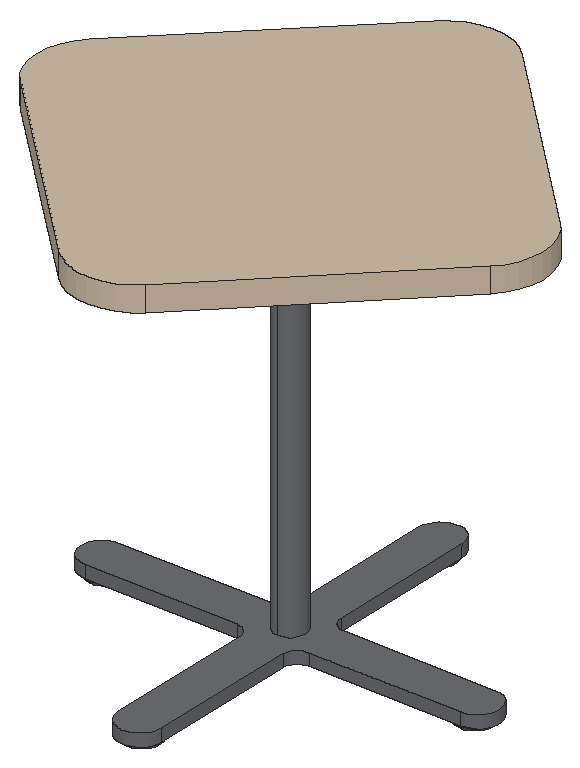
Revit family "Table-Teknion-CQTSB-Routes-Square_Adjustable_Side_Table-R2022", category Furniture, Revit 2022
Family settings
  OmniClass Number = 23.40.20.00
  OmniClass Title = General Furniture and Specialties
  Work Plane-Based = No
  Always vertical = Yes
  Cut with Voids When Loaded = No
  Render Appearance Source = Family Geometry
  Shared = Yes
  Room Calculation Point = No
Parameters (values of type "CQTSB16")
  Width = 0.000"
  Warranty = "http://www.teknion.com/ca/papers/legal-canada"
  Unit Weight URL = "http://www.teknion.com/ca/tools/assets#&asset=bee6a381-b954-425e-8283-5a2de3a804f2,f828d448-4b62-4231-9e5f-9a8991c0ed77"
  URL = "www.teknion.com"
  To render please download texture images found here [instance] = "https://assets.teknion.com/web/5e81352c1dfdb467/revit-material-swatches/"
  Sustainability Data = "https://www.teknion.com/ca/tools/assets#&topic=216f99a5-57a0-44fc-b10a-9dee9b29ae4c&asset=444deb64-fe58-4b68-981e-f75e97781df7,b4ff2d81-9f2e-437d-9659-7cffb09c31cf"
  Surface Finish = Foundation Laminate-Teknion-4L-Baltic_Ply
  Series = "Routes"  # constant formula
  Product Page URL = "https://www.teknion.com/ca/products/product-details?productLineId=70f0476f-8e7a-673b-a6c8-ff05004460c4"
  Product Line = "Side Table"
  Product Documentation Link = "https://www.teknion.com/ca/products/product-details?productLineId=70f0476f-8e7a-673b-a6c8-ff05004460c4"
  Part Number = "CQTSB"  # constant formula
  Model = "CQTSB16"  # constant formula
  Manufacturer Phone = "416-661-3370"  # constant formula
  Manufacturer Fax = "416.661.4586"  # constant formula
  Manufacturer Contact Information = "http://www.teknion.com/ca/contactus"
  Manufacturer Address = "1150 Flint Road, Toronto, ON. M3J 2J5. Canada"  # constant formula
  Manufacturer = "Teknion"  # constant formula
  Length = 0.000"
  How To Use Teknion Materials User Guide [instance] = "https://assets.teknion.com/m/205dd0a49fa58060/original/How-to-add-a-Material-Library-and-Texture-Images-to-your-Revit-project.pdf"
  Height = 18.000"
  Frame Finish = Grade 2 Laminate - Teknion - WV - Midnight
  For Additional Finishes please visit [instance] = "https://assets.teknion.com/m/44a8009b046e5d47/original/Teknion_Materials_Library.zip"
  Description = "Routes - Square Adjustable Side Table"  # constant formula
  Depth = 0.000"
  Default Elevation = 0.000"
  Assembly Code = "E2020200"
Reference planes (in)
  plane 1 "Center Front/Back": y = 0
  plane 2: z = 0
  plane 3 "Center Left/Right": x = 0
  plane 4 "Left": x = -10.27817
  plane 5 "Right": x = 10.27817
  plane 6 "Back": y = 10.27817
  plane 7 "Front": y = -10.27817
  plane 8 "Top": z = 18
Forms (in)
  Sweep 1, solid, material "Foundation Laminate-Teknion-4L-Baltic_Ply" <- "Surface Finish"
    path origin (0, 0, 0) x (1, 0, 0) y (0, 0, 1)
      loop
        line (-5.25, 17) -> (-5.25, 18)
    profile origin (-5.25, 0, 17.5) x (-1, 0, 0) y (0, -1, 0)
      loop
        line (-3.48223, -9.54594) -> (4.29594, -1.76777)
        arc (4.29594, -1.76777) -> (5.02817, 0) -> (4.29594, 1.76777) r 2.5
        line (4.29594, 1.76777) -> (-3.48223, 9.54594)
        arc (-3.48223, 9.54594) -> (-5.25, 10.27817) -> (-7.01777, 9.54594) r 2.5
        line (-7.01777, 9.54594) -> (-14.79594, 1.76777)
        arc (-14.79594, 1.76777) -> (-15.52817, 0) -> (-14.79594, -1.76777) r 2.5
        line (-14.79594, -1.76777) -> (-7.01777, -9.54594)
        arc (-7.01777, -9.54594) -> (-5.25, -10.27817) -> (-3.48223, -9.54594) r 2.5
  Sweep 2, solid, material "Grade 2 Laminate - Teknion - WV - Midnight" <- "Frame Finish"
    path origin (0, 0, 0) x (1, 0, 0) y (0, 0, 1)
      loop
        line (-2, 16.88) -> (-2, 17)
    profile origin (-2, 0, 16.94) x (-1, 0, 0) y (0, -1, 0)
      loop
        circle (-2, 0) r 2.92493
  Sweep 3, solid, material "Grade 2 Laminate - Teknion - WV - Midnight" <- "Frame Finish"
    path origin (0, 0, 0) x (1, 0, 0) y (0, 0, 1)
      loop
        line (-0.54473, 15.15328) -> (-0.54473, 16.88)
    profile origin (-0.54473, 0, 16.01664) x (-1, 0, 0) y (0, -1, 0)
      loop
        circle (-0.54473, 0) r 0.5275
  Sweep 4, solid, material "Grade 2 Laminate - Teknion - WV - Midnight" <- "Frame Finish"
    path origin (0, 0, 0) x (1, 0, 0) y (0, 0, 1)
      loop
        line (-0.33484, 15.15328) -> (-0.33484, 0.7126)
    profile origin (-0.33484, 0, 7.93294) x (0, -1, 0) y (1, 0, 0)
      loop
        circle (0, 0.33484) r 0.62498
  Sweep 5, solid, material "Grade 2 Laminate - Teknion - WV - Midnight" <- "Frame Finish"
    path origin (0, 0, 0) x (1, 0, 0) y (0, 0, 1)
      loop
        line (-5.85863, 0.2126) -> (-5.85863, 0.7126)
    profile origin (-5.85863, 0, 0.4626) x (-1, 0, 0) y (0, -1, 0)
      loop
        arc (-4.98363, -1.465) -> (-4.81082, -1.04781) -> (-4.39363, -0.875) r 0.59
        line (-4.39363, -0.875) -> (1.76637, -0.875)
        arc (1.76637, -0.875) -> (2.64137, 0) -> (1.76637, 0.875) r 0.875
        line (1.76637, 0.875) -> (-4.39363, 0.875)
        arc (-4.39363, 0.875) -> (-4.81082, 1.04781) -> (-4.98363, 1.465) r 0.59
        line (-4.98363, 1.465) -> (-4.98363, 7.625)
        arc (-4.98363, 7.625) -> (-5.85863, 8.5) -> (-6.73363, 7.625) r 0.875
        line (-6.73363, 7.625) -> (-6.73363, 1.465)
        arc (-6.73363, 1.465) -> (-6.90644, 1.04781) -> (-7.32363, 0.875) r 0.59
        line (-7.32363, 0.875) -> (-13.48363, 0.875)
        arc (-13.48363, 0.875) -> (-14.35863, 0) -> (-13.48363, -0.875) r 0.875
        line (-13.48363, -0.875) -> (-7.32363, -0.875)
        arc (-7.32363, -0.875) -> (-6.90644, -1.04781) -> (-6.73363, -1.465) r 0.59
        line (-6.73363, -1.465) -> (-6.73363, -7.625)
        arc (-6.73363, -7.625) -> (-5.85863, -8.5) -> (-4.98363, -7.625) r 0.875
        line (-4.98363, -7.625) -> (-4.98363, -1.465)
  Revolve 6, solid, material "Grade 2 Laminate - Teknion - WV - Midnight" <- "Frame Finish"
    sketch origin (-0.00375, -7.5, 0) x (1, 0, 0) y (0, 0, 1)
      loop
        line (-0.09375, 0.2126) -> (-0.74803, 0.2126) -> (-0.74803, 0.0726)
        arc (-0.74803, 0.0726) -> (-0.71876, 0.02061) -> (-0.66277, 0) r 0.08637
        line (-0.66277, 0) -> (-0.13638, 0)
        arc (-0.13638, 0) -> (-0.1052, 0.0305) -> (-0.09375, 0.0726) r 0.08313
        line (-0.09375, 0.0726) -> (-0.09375, 0.2126)
      axis (0, 0) -> (0, 0.2126)
    angle from 0 to 360
  Revolve 7, solid, material "Grade 2 Laminate - Teknion - WV - Midnight" <- "Frame Finish"
    sketch origin (7.5, -0.00375, 0) x (1, 0, 0) y (0, 0, 1)
      loop
        line (-0.09375, 0.2126) -> (-0.74803, 0.2126) -> (-0.74803, 0.0726)
        arc (-0.74803, 0.0726) -> (-0.71876, 0.02061) -> (-0.66277, 0) r 0.08637
        line (-0.66277, 0) -> (-0.13638, 0)
        arc (-0.13638, 0) -> (-0.1052, 0.0305) -> (-0.09375, 0.0726) r 0.08313
        line (-0.09375, 0.0726) -> (-0.09375, 0.2126)
      axis (0, 0) -> (0, 0.2126)
    angle from 0 to 360
  Revolve 8, solid, material "Grade 2 Laminate - Teknion - WV - Midnight" <- "Frame Finish"
    sketch origin (0.00375, 7.5, 0) x (1, 0, 0) y (0, 0, 1)
      loop
        line (-0.09375, 0.2126) -> (-0.74803, 0.2126) -> (-0.74803, 0.0726)
        arc (-0.74803, 0.0726) -> (-0.71876, 0.02061) -> (-0.66277, 0) r 0.08637
        line (-0.66277, 0) -> (-0.13638, 0)
        arc (-0.13638, 0) -> (-0.1052, 0.0305) -> (-0.09375, 0.0726) r 0.08313
        line (-0.09375, 0.0726) -> (-0.09375, 0.2126)
      axis (0, 0) -> (0, 0.2126)
    angle from 0 to 360
  Revolve 9, solid, material "Grade 2 Laminate - Teknion - WV - Midnight" <- "Frame Finish"
    sketch origin (-7.5, -0.00375, 0) x (1, 0, 0) y (0, 0, 1)
      loop
        line (-0.09375, 0.2126) -> (-0.74803, 0.2126) -> (-0.74803, 0.0726)
        arc (-0.74803, 0.0726) -> (-0.71876, 0.02061) -> (-0.66277, 0) r 0.08637
        line (-0.66277, 0) -> (-0.13638, 0)
        arc (-0.13638, 0) -> (-0.1052, 0.0305) -> (-0.09375, 0.0726) r 0.08313
        line (-0.09375, 0.0726) -> (-0.09375, 0.2126)
      axis (0, 0) -> (0, 0.2126)
    angle from 0 to 360
  Sweep 10, solid, material "Grade 2 Laminate - Teknion - WV - Midnight" <- "Frame Finish"
    path origin (0, 0, 0) x (1, 0, 0) y (0, 0, 1)
      loop
        line (0.7367, 15.41729) -> (0.85481, 15.41729)
    profile origin (0.79576, 0, 15.41729) x (0, 0, 1) y (0, -1, 0)
      loop
        circle (-0.52701, -1.92509) r 0.97597
  Sweep 11, solid, material "Grade 2 Laminate - Teknion - WV - Midnight" <- "Frame Finish"
    path origin (0, 0, 0) x (0, 1, 0) y (0, 0, 1)
      loop
        line (-0.70374, 15.23328) -> (0.70374, 15.23328)
    profile origin (0, 0, 15.23328) x (0, 0, 1) y (1, 0, 0)
      loop
        line (0, -0.70374) -> (0, 0.79546)
        arc (0, 0.79546) -> (-0.343, 1.13846) -> (-0.686, 0.79546) r 0.343
        line (-0.686, 0.79546) -> (-0.686, -0.70374) -> (0, -0.70374)
  Sweep 12, void
    path origin (0, 0, 0) x (0, 1, 0) y (0, 0, 1)
      loop
        line (-0.66891, 14.30927) -> (-0.66891, 15.42444)
    profile origin (0, -0.66891, 14.86686) x (0, -1, 0) y (1, 0, 0)
      loop
        arc (-0.74607, 0.6202) -> (-0.66891, 0.62498) -> (-0.59175, 0.6202) r 0.62498
        line (-0.59175, 0.6202) -> (-0.57062, 1.2345) -> (-0.7672, 1.2345) -> (-0.74607, 0.6202)
      loop
        arc (-0.66891, -0.71483) -> (-1.18504, -0.51912) -> (-1.37265, 0) r 0.66093
        line (-1.37265, 0) -> (-1.48936, 0) -> (-1.48936, -0.88805) -> (0.13264, -0.88805) -> (0.13264, 0) -> (0.03483, 0)
        arc (0.03483, 0) -> (-0.15278, -0.51912) -> (-0.66891, -0.71483) r 0.66093
  Revolve 13, solid, material "Grade 2 Laminate - Teknion - WV - Midnight" <- "Frame Finish"
    sketch origin (0, 0, 14.89058) x (1, 0, 0) y (0, 1, 0)
      loop
        arc (1.13876, 1.14965) -> (1.05559, 1.35043) -> (0.85481, 1.43359) r 0.28394
        line (0.85481, 1.43359) -> (0.79576, 1.43359) -> (0.79576, 0.71474) -> (1.04576, 0.71474) -> (1.13876, 0.74859) -> (1.13876, 1.14965)
      axis (0.79546, 0.71474) -> (0.79546, 1.43359)
    angle from 0 to 360
Cuts and joins
  Sweep 12 cuts Sweep 4
  Sweep 12 cuts Sweep 11
Lines and regions (in)
  Masking region 1
    outline origin (0, 0, 0) x (1, 0, 0) y (0, 1, 0)
      loop
        line (-1.76777, 9.54594) -> (-9.54594, 1.76777)
        arc (-9.54594, 1.76777) -> (-10.27817, 0) -> (-9.54594, -1.76777) r 2.5
        line (-9.54594, -1.76777) -> (-1.76777, -9.54594)
        arc (-1.76777, -9.54594) -> (0, -10.27817) -> (1.76777, -9.54594) r 2.5
        line (1.76777, -9.54594) -> (9.54594, -1.76777)
        arc (9.54594, -1.76777) -> (10.27817, 0) -> (9.54594, 1.76777) r 2.5
        line (9.54594, 1.76777) -> (1.76777, 9.54594)
        arc (1.76777, 9.54594) -> (0, 10.27817) -> (-1.76777, 9.54594) r 2.5
  symbolic lines, style "FurnitureHiddenLines", detail levels medium+fine
    curve 1: arc (2.92493, 0, 0) -> (0, 2.92493, 0) -> (-2.92493, 0, 0) r 2.92493
    curve 2: arc (-2.92493, 0, 0) -> (0, -2.92493, 0) -> (2.92493, 0, 0) r 2.92493
    curve 3: line (-7.625, -0.875, 0) -> (-1.465, -0.875, 0)
    curve 4: arc (-1.465, -0.875, 0) -> (-1.04781, -1.04781, 0) -> (-0.875, -1.465, 0) r 0.59
    curve 5: line (-0.875, -1.465, 0) -> (-0.875, -7.625, 0)
    curve 6: arc (-0.875, -7.625, 0) -> (0, -8.5, 0) -> (0.875, -7.625, 0) r 0.875
    curve 7: line (0.875, -7.625, 0) -> (0.875, -1.465, 0)
    curve 8: arc (0.875, -1.465, 0) -> (1.04781, -1.04781, 0) -> (1.465, -0.875, 0) r 0.59
    curve 9: line (1.465, -0.875, 0) -> (7.625, -0.875, 0)
    curve 10: arc (7.625, -0.875, 0) -> (8.5, 0, 0) -> (7.625, 0.875, 0) r 0.875
    curve 11: line (7.625, 0.875, 0) -> (1.465, 0.875, 0)
    curve 12: arc (1.465, 0.875, 0) -> (1.04781, 1.04781, 0) -> (0.875, 1.465, 0) r 0.59
    curve 13: line (0.875, 1.465, 0) -> (0.875, 7.625, 0)
    curve 14: arc (0.875, 7.625, 0) -> (0, 8.5, 0) -> (-0.875, 7.625, 0) r 0.875
    curve 15: line (-0.875, 7.625, 0) -> (-0.875, 1.465, 0)
    curve 16: arc (-0.875, 1.465, 0) -> (-1.04781, 1.04781, 0) -> (-1.465, 0.875, 0) r 0.59
    curve 17: line (-1.465, 0.875, 0) -> (-7.625, 0.875, 0)
    curve 18: arc (-7.625, 0.875, 0) -> (-8.5, 0, 0) -> (-7.625, -0.875, 0) r 0.875
    curve 19: line (0.6202, -0.07716, 0) -> (1.13901, -0.09501, 0)
    curve 20: line (1.13901, 0.09501, 0) -> (0.6202, 0.07716, 0)
    curve 21: arc (0.5275, 0, 0) -> (0, 0.5275, 0) -> (-0.5275, 0, 0) r 0.5275
    curve 22: arc (-0.5275, 0, 0) -> (0, -0.5275, 0) -> (0.5275, 0, 0) r 0.5275
    curve 23: arc (0.6202, 0.07716, 0) -> (0.41375, 0.46841, 0) -> (0, 0.62498, 0) r 0.62498
    curve 24: arc (0, 0.62498, 0) -> (-0.62498, 0, 0) -> (0, -0.62498, 0) r 0.62498
    curve 25: arc (0, -0.62498, 0) -> (0.41375, -0.46841, 0) -> (0.6202, -0.07716, 0) r 0.62498
    curve 26: arc (0.6202, -0.07716, 0) -> (0.62498, 0, 0) -> (0.6202, 0.07716, 0) r 0.62498
    curve 27: line (0, 0.70374, 0) -> (-0.11089, 0.70374, 0)
    curve 28: arc (-0.11089, 0.70374, 0) -> (-0.49594, 0.53788, 0) -> (-0.70374, 0.17374, 0) r 0.66093
    curve 29: line (-0.70374, 0.17374, 0) -> (-0.70374, -0.17374, 0)
    curve 30: arc (-0.70374, -0.17374, 0) -> (-0.49594, -0.53788, 0) -> (-0.11089, -0.70374, 0) r 0.66093
    curve 31: line (-0.11089, -0.70374, 0) -> (0, -0.70374, 0)
    curve 32: line (0, -0.70374, 0) -> (1.13901, -0.70374, 0)
    curve 33: line (1.13901, -0.70374, 0) -> (1.13901, -0.09501, 0)
    curve 34: line (1.13901, -0.09501, 0) -> (0.6202, -0.07716, 0)
    curve 35: arc (0.6202, -0.07716, 0) -> (0.62498, 0, 0) -> (0.6202, 0.07716, 0) r 0.62498
    curve 36: line (0.6202, 0.07716, 0) -> (1.13901, 0.09501, 0)
    curve 37: line (1.13901, 0.09501, 0) -> (1.13901, 0.70374, 0)
    curve 38: line (1.13901, 0.70374, 0) -> (0, 0.70374, 0)
    curve 39: line (0.7367, 1.43368, 0) -> (0.7367, 2.90107, 0)
    curve 40: line (0.85481, 1.43366, 0) -> (0.85481, 2.90107, 0)
    curve 41: line (1.04576, 0.71474, 0) -> (0.54515, 0.71474, 0)
    curve 42: line (0.45215, 0.74859, 0) -> (1.13876, 0.74859, 0)
    curve 43: line (0.7367, 2.90107, 0) -> (0.85481, 2.90107, 0)
    curve 44: line (0.45215, 0.74859, 0) -> (0.54515, 0.71474, 0)
    curve 45: line (1.04576, 0.71474, 0) -> (1.13876, 0.74859, 0)
    curve 46: line (1.13876, 0.74859, 0) -> (1.13876, 1.14111, 0)
    curve 47: line (0.45215, 0.74859, 0) -> (0.45215, 1.14111, 0)
    curve 48: arc (0.45215, 1.14111, 0) -> (0.53502, 1.34517, 0) -> (0.7367, 1.43368, 0) r 0.29268
    curve 49: arc (1.13876, 1.14111, 0) -> (1.0561, 1.34495, 0) -> (0.85481, 1.43366, 0) r 0.29268
  symbolic lines, style "FurnitureHiddenLines", detail levels fine
    curve 50: arc (-8.24803, -0.00375, 0) -> (-7.5, 0.74428, 0) -> (-6.75197, -0.00375, 0) r 0.74803
    curve 51: arc (-6.75197, -0.00375, 0) -> (-7.5, -0.75178, 0) -> (-8.24803, -0.00375, 0) r 0.74803
    curve 52: arc (-7.63638, -0.00375, 0) -> (-7.5, -0.14013, 0) -> (-7.36362, -0.00375, 0) r 0.13638
    curve 53: arc (-7.36362, -0.00375, 0) -> (-7.5, 0.13263, 0) -> (-7.63638, -0.00375, 0) r 0.13638
    curve 54: arc (-7.59375, -0.00375, 0) -> (-7.5, 0.09, 0) -> (-7.40625, -0.00375, 0) r 0.09375
    curve 55: arc (-7.40625, -0.00375, 0) -> (-7.5, -0.0975, 0) -> (-7.59375, -0.00375, 0) r 0.09375
    curve 56: arc (0.75178, 7.5, 0) -> (0.00375, 6.75197, 0) -> (-0.74428, 7.5, 0) r 0.74803
    curve 57: arc (-0.74428, 7.5, 0) -> (0.00375, 8.24803, 0) -> (0.75178, 7.5, 0) r 0.74803
    curve 58: arc (-0.13263, 7.5, 0) -> (0.00375, 7.36362, 0) -> (0.14013, 7.5, 0) r 0.13638
    curve 59: arc (0.14013, 7.5, 0) -> (0.00375, 7.63638, 0) -> (-0.13263, 7.5, 0) r 0.13638
    curve 60: arc (-0.09, 7.5, 0) -> (0.00375, 7.59375, 0) -> (0.0975, 7.5, 0) r 0.09375
    curve 61: arc (0.0975, 7.5, 0) -> (0.00375, 7.40625, 0) -> (-0.09, 7.5, 0) r 0.09375
    curve 62: arc (8.24803, -0.00375, 0) -> (7.5, -0.75178, 0) -> (6.75197, -0.00375, 0) r 0.74803
    curve 63: arc (6.75197, -0.00375, 0) -> (7.5, 0.74428, 0) -> (8.24803, -0.00375, 0) r 0.74803
    curve 64: arc (7.36362, -0.00375, 0) -> (7.5, -0.14013, 0) -> (7.63638, -0.00375, 0) r 0.13638
    curve 65: arc (7.63638, -0.00375, 0) -> (7.5, 0.13263, 0) -> (7.36362, -0.00375, 0) r 0.13638
    curve 66: arc (7.40625, -0.00375, 0) -> (7.5, 0.09, 0) -> (7.59375, -0.00375, 0) r 0.09375
    curve 67: arc (7.59375, -0.00375, 0) -> (7.5, -0.0975, 0) -> (7.40625, -0.00375, 0) r 0.09375
    curve 68: arc (-0.75178, -7.5, 0) -> (-0.00375, -6.75197, 0) -> (0.74428, -7.5, 0) r 0.74803
    curve 69: arc (0.74428, -7.5, 0) -> (-0.00375, -8.24803, 0) -> (-0.75178, -7.5, 0) r 0.74803
    curve 70: arc (-0.14013, -7.5, 0) -> (-0.00375, -7.63638, 0) -> (0.13263, -7.5, 0) r 0.13638
    curve 71: arc (0.13263, -7.5, 0) -> (-0.00375, -7.36362, 0) -> (-0.14013, -7.5, 0) r 0.13638
    curve 72: arc (-0.0975, -7.5, 0) -> (-0.00375, -7.40625, 0) -> (0.09, -7.5, 0) r 0.09375
    curve 73: arc (0.09, -7.5, 0) -> (-0.00375, -7.59375, 0) -> (-0.0975, -7.5, 0) r 0.09375
  reference lines
    curve 74: line (10.27817, 10.27817, 0) -> (10.27817, -10.27817, 0)
    curve 75: line (-10.27817, 10.27817, 0) -> (10.27817, 10.27817, 0)
    curve 76: line (-10.27817, 10.27817, 0) -> (-10.27817, -10.27817, 0)
    curve 77: line (-10.27817, -10.27817, 0) -> (10.27817, -10.27817, 0)
Dimensions and locks (in)
  plane 4 "Left" to plane 5 "Right" = 20.55635"
  plane 6 "Back" to plane 7 "Front" = 20.55635"
  "Height": plane 8 "Top" to level
  aligned and locked: level to plane 2
Automatic sketch dimensions
  plane 4 "Left" to Sweep 1 sketch curve = 5.02817"
  level to Sweep 1 sketch curve = 17.000"
  Sweep 1 sketch curve to Sweep 1 sketch curve = 1.000"
  plane 1 "Center Front/Back" to Sweep 1 sketch curve = 0.000"  (x2)
  Sweep 1 sketch curve to plane 1 "Center Front/Back" = 1.76777"  (x2)
  profile plane to Sweep 1 sketch curve = 14.79594"
  plane 1 "Center Front/Back" to Sweep 1 sketch curve = 1.76777"  (x2)
  Sweep 1 sketch curve to Sweep 1 sketch curve = 1.76777"  (x8)
  profile plane to Sweep 1 sketch curve = 7.01777"  (x2)
  Sweep 1 sketch curve to profile plane = 2.52817"
  Sweep 1 sketch curve to plane 1 "Center Front/Back" = 7.77817"
  plane 1 "Center Front/Back" to Sweep 1 sketch curve = 7.77817"
  Sweep 2 sketch curve to plane 3 "Center Left/Right" = 2.000"
  level to Sweep 2 sketch curve = 16.880"
  Sweep 2 sketch curve to Sweep 2 sketch curve = 0.120"
  plane 1 "Center Front/Back" to Sweep 2 sketch curve = 0.000"
  profile plane to Sweep 2 sketch curve = 2.000"
  Sweep 3 sketch curve to plane 3 "Center Left/Right" = 0.54473"
  level to Sweep 3 sketch curve = 15.15328"
  Sweep 3 sketch curve to Sweep 3 sketch curve = 1.72672"
  plane 1 "Center Front/Back" to Sweep 3 sketch curve = 0.000"
  profile plane to Sweep 3 sketch curve = 0.54473"
  Sweep 4 sketch curve to plane 3 "Center Left/Right" = 0.33484"
  level to Sweep 4 sketch curve = 0.7126"
  Sweep 4 sketch curve to Sweep 4 sketch curve = 14.44068"
  plane 1 "Center Front/Back" to Sweep 4 sketch curve = 0.000"
  Sweep 4 sketch curve to profile plane = 0.33484"
  level to Sweep 5 sketch curve = 0.7126"
  plane 4 "Left" to Sweep 5 sketch curve = 4.41955"
  level to Sweep 5 sketch curve = 0.2126"
  plane 1 "Center Front/Back" to Sweep 5 sketch curve = 0.000"  (x2)
  profile plane to Sweep 5 sketch curve = 13.48363"
  Sweep 5 sketch curve to plane 1 "Center Front/Back" = 0.875"
  Sweep 5 sketch curve to Sweep 5 sketch curve = 6.160"  (x3)
  Sweep 5 sketch curve to Sweep 5 sketch curve = 0.000"
  Sweep 5 sketch curve to Sweep 5 sketch curve = 0.590"  (x4)
  Sweep 5 sketch curve to Sweep 5 sketch curve = 0.875"  (x2)
  plane 1 "Center Front/Back" to Sweep 5 sketch curve = 0.875"
  Sweep 5 sketch curve to profile plane = 1.76637"
  Revolve 6 sketch curve to level = 0.000"
  level to Revolve 6 sketch curve = 0.2126"
  Revolve 6 sketch curve to plane 3 "Center Left/Right" = 0.75178"
  Revolve 6 sketch curve to Revolve 6 sketch curve = 0.08527"
  level to Revolve 6 sketch curve = 0.0726"  (x2)
  Revolve 6 sketch curve to plane 3 "Center Left/Right" = 0.18063"
  Revolve 6 sketch curve to Revolve 6 sketch curve = 0.0405"
  Revolve 6 sketch curve to plane 3 "Center Left/Right" = 0.00375"
  Revolve 6 sketch curve to level = 0.09987"
  Revolve 6 sketch curve to Revolve 6 sketch curve = 0.21279"
  Revolve 7 sketch curve to level = 0.000"
  level to Revolve 7 sketch curve = 0.2126"
  plane 3 "Center Left/Right" to Revolve 7 sketch curve = 6.75197"
  Revolve 7 sketch curve to Revolve 7 sketch curve = 0.08527"
  level to Revolve 7 sketch curve = 0.0726"  (x2)
  Revolve 7 sketch curve to Revolve 7 sketch curve = 0.48589"
  Revolve 7 sketch curve to Revolve 7 sketch curve = 0.0405"
  Revolve 7 sketch curve to Revolve 7 sketch curve = 0.13638"
  Revolve 7 sketch curve to level = 0.09987"
  Revolve 7 sketch curve to Revolve 7 sketch curve = 0.21279"
  Revolve 8 sketch curve to level = 0.000"
  level to Revolve 8 sketch curve = 0.2126"
  Revolve 8 sketch curve to plane 3 "Center Left/Right" = 0.74428"
  Revolve 8 sketch curve to Revolve 8 sketch curve = 0.08527"
  level to Revolve 8 sketch curve = 0.0726"  (x2)
  Revolve 8 sketch curve to Revolve 8 sketch curve = 0.48589"
  Revolve 8 sketch curve to Revolve 8 sketch curve = 0.0405"
  Revolve 8 sketch curve to Revolve 8 sketch curve = 0.13638"
  Revolve 8 sketch curve to level = 0.09987"
  Revolve 8 sketch curve to Revolve 8 sketch curve = 0.21279"
  Revolve 9 sketch curve to level = 0.000"
  level to Revolve 9 sketch curve = 0.2126"
  Revolve 9 sketch curve to plane 3 "Center Left/Right" = 8.24803"
  Revolve 9 sketch curve to Revolve 9 sketch curve = 0.08527"
  level to Revolve 9 sketch curve = 0.0726"  (x2)
  Revolve 9 sketch curve to Revolve 9 sketch curve = 0.48589"
  Revolve 9 sketch curve to Revolve 9 sketch curve = 0.0405"
  Revolve 9 sketch curve to Revolve 9 sketch curve = 0.13638"
  Revolve 9 sketch curve to level = 0.09987"
  Revolve 9 sketch curve to Revolve 9 sketch curve = 0.21279"
  plane 3 "Center Left/Right" to Sweep 10 sketch curve = 0.7367"
  plane 3 "Center Left/Right" to Sweep 10 sketch curve = 0.85481"
  level to Sweep 10 sketch curve = 15.41729"
  profile plane to Sweep 10 sketch curve = 0.52701"
  Sweep 10 sketch curve to plane 1 "Center Front/Back" = 1.92509"
  plane 1 "Center Front/Back" to Sweep 11 sketch curve = 0.70374"
  Sweep 11 sketch curve to plane 1 "Center Front/Back" = 0.70374"
  level to Sweep 11 sketch curve = 15.23328"
  Sweep 11 sketch curve to profile plane = 0.000"
  profile plane to Sweep 11 sketch curve = 0.343"
  plane 3 "Center Left/Right" to Sweep 11 sketch curve = 0.79546"
  plane 3 "Center Left/Right" to Sweep 11 sketch curve = 0.79576"
  Sweep 11 sketch curve to Sweep 11 sketch curve = 1.4992"
  Sweep 11 sketch curve to Sweep 11 sketch curve = 0.343"
  plane 1 "Center Front/Back" to Sweep 12 sketch curve = 0.66891"
  level to Sweep 12 sketch curve = 14.30927"
  Sweep 12 sketch curve to Sweep 12 sketch curve = 1.11517"
  Sweep 12 sketch curve to plane 3 "Center Left/Right" = 0.000"  (x3)
  profile plane to Sweep 12 sketch curve = 1.48936"
  Sweep 12 sketch curve to Sweep 12 sketch curve = 0.11671"
  profile plane to Sweep 12 sketch curve = 0.7672"
  Sweep 12 sketch curve to Sweep 12 sketch curve = 0.02114"
  Sweep 12 sketch curve to plane 3 "Center Left/Right" = 0.05544"  (x2)
  Sweep 12 sketch curve to Sweep 12 sketch curve = 0.6586"
  Sweep 12 sketch curve to Sweep 12 sketch curve = 0.04514"  (x2)
  Sweep 12 sketch curve to Sweep 12 sketch curve = 0.15432"
  Sweep 12 sketch curve to Sweep 12 sketch curve = 0.19659"
  Sweep 12 sketch curve to profile plane = 0.03483"
  Sweep 12 sketch curve to Sweep 12 sketch curve = 0.09781"
  Sweep 12 sketch curve to Sweep 12 sketch curve = 0.17322"
  plane 3 "Center Left/Right" to Sweep 12 sketch curve = 0.6202"
  Sweep 12 sketch curve to Sweep 12 sketch curve = 0.6143"
  plane 3 "Center Left/Right" to Revolve 13 sketch curve = 0.79576"
  Revolve 13 sketch curve to Revolve 13 sketch curve = 0.05906"
  Revolve 13 sketch curve to Revolve 13 sketch curve = 0.250"
  Revolve 13 sketch curve to Revolve 13 sketch curve = 0.28394"
  Revolve 13 sketch curve to plane 1 "Center Front/Back" = 0.71474"
  Revolve 13 sketch curve to Revolve 13 sketch curve = 0.03385"
  Revolve 13 sketch curve to Revolve 13 sketch curve = 0.43491"
  Revolve 13 sketch curve to Revolve 13 sketch curve = 0.0003"
  Revolve 13 sketch curve to Revolve 13 sketch curve = 0.011"
  Revolve 13 sketch curve to Revolve 13 sketch curve = 0.07958"
  plane 1 "Center Front/Back" to Masking region 1 sketch curve = 0.000"  (x2)
  Masking region 1 sketch curve to plane 3 "Center Left/Right" = 0.000"  (x2)
  Masking region 1 sketch curve to plane 7 "Front" = 0.73223"  (x2)
  Masking region 1 sketch curve to plane 3 "Center Left/Right" = 1.76777"  (x2)
  Masking region 1 sketch curve to plane 6 "Back" = 0.73223"  (x2)
  plane 4 "Left" to Masking region 1 sketch curve = 2.500"
  plane 4 "Left" to Masking region 1 sketch curve = 0.73223"  (x2)
  plane 5 "Right" to Masking region 1 sketch curve = 2.500"
  plane 5 "Right" to Masking region 1 sketch curve = 0.73223"  (x2)
  Masking region 1 sketch curve to Masking region 1 sketch curve = 1.76777"  (x2)
  plane 1 "Center Front/Back" to Masking region 1 sketch curve = 1.76777"  (x2)
  curve 1 to curve 21 = 0.000"  (x2)
  curve 1 to curve 23 = 0.000"  (x2)
  curve 1 to curve 24 = 0.000"
  curve 1 to curve 25 = 0.000"
  curve 1 to curve 26 = 0.000"
  curve 1 to curve 35 = 0.000"
  plane 1 "Center Front/Back" to curve 18 = 0.000"
  plane 1 "Center Front/Back" to curve 1 = 0.000"
  curve 24 to plane 3 "Center Left/Right" = 0.000"
  curve 27 to plane 3 "Center Left/Right" = 0.000"
  curve 14 to plane 3 "Center Left/Right" = 0.000"
  curve 31 to plane 3 "Center Left/Right" = 0.000"
  curve 6 to plane 3 "Center Left/Right" = 0.000"
  plane 1 "Center Front/Back" to curve 10 = 0.000"
  curve 28 to plane 3 "Center Left/Right" = 0.05544"
  curve 30 to plane 3 "Center Left/Right" = 0.05544"
  curve 27 to plane 3 "Center Left/Right" = 0.11089"
  curve 31 to plane 3 "Center Left/Right" = 0.11089"
  plane 1 "Center Front/Back" to curve 29 = 0.17374"
  curve 29 to curve 30 = 0.6483"
  curve 5 to curve 6 = 0.875"
  curve 15 to curve 14 = 0.875"
  curve 3 to curve 5 = 0.590"
  curve 17 to curve 15 = 0.590"
  plane 4 "Left" to curve 18 = 2.65317"
  plane 3 "Center Left/Right" to curve 47 = 0.45215"
  curve 42 to curve 44 = 0.093"
  curve 36 to plane 1 "Center Front/Back" = 0.07716"
  plane 3 "Center Left/Right" to curve 36 = 0.6202"
  plane 1 "Center Front/Back" to curve 19 = 0.07716"
  plane 3 "Center Left/Right" to curve 43 = 0.7367"
  curve 39 to curve 48 = 0.00813"
  curve 48 to curve 49 = 0.10124"
  curve 39 to curve 40 = 0.11811"
  curve 40 to curve 41 = 0.19094"
  curve 41 to curve 42 = 0.093"
  plane 1 "Center Front/Back" to curve 19 = 0.09501"
  curve 19 to curve 19 = 0.51881"
  curve 42 to curve 38 = 0.00025"
  curve 32 to curve 9 = 0.32599"
  curve 49 to curve 12 = 0.32624"
  curve 11 to plane 1 "Center Front/Back" = 0.875"
  plane 5 "Right" to curve 11 = 2.65317"
  curve 5 to plane 7 "Front" = 2.65317"
  curve 5 to curve 24 = 0.84002"
  curve 31 to curve 24 = 0.07876"
  curve 28 to plane 1 "Center Front/Back" = 0.04514"
  curve 20 to plane 1 "Center Front/Back" = 0.09501"
  curve 29 to plane 1 "Center Front/Back" = 0.17374"
  curve 27 to curve 44 = 0.011"
  curve 37 to curve 42 = 0.04485"
  curve 48 to curve 13 = 0.32389"
  curve 42 to curve 46 = 0.39252"
  curve 12 to curve 43 = 1.43607"
  curve 13 to plane 6 "Back" = 2.65317"
  curve 30 to curve 21 = 0.17624"
  curve 2 to curve 3 = 1.45993"
  plane 1 "Center Front/Back" to curve 51 = 0.00375"
  curve 18 to curve 51 = 0.125"
  curve 51 to curve 18 = 0.62303"
  curve 50 to curve 52 = 0.000"  (x2)
  curve 53 to curve 18 = 0.01138"
  curve 50 to curve 54 = 0.000"  (x2)
  curve 18 to curve 55 = 0.03125"
  plane 3 "Center Left/Right" to curve 56 = 0.00375"
  curve 57 to curve 14 = 0.125"
  curve 15 to curve 57 = 0.13072"
  curve 56 to curve 58 = 0.000"  (x2)
  curve 58 to plane 3 "Center Left/Right" = 0.13263"
  curve 56 to curve 60 = 0.000"  (x2)
  curve 58 to curve 60 = 0.04263"
  plane 1 "Center Front/Back" to curve 62 = 0.00375"
  curve 62 to curve 10 = 0.125"
  curve 63 to curve 62 = 0.74803"
  curve 62 to curve 64 = 0.000"  (x2)
  curve 64 to curve 62 = 0.13638"
  curve 62 to curve 66 = 0.000"  (x2)
  curve 64 to curve 66 = 0.04263"
  curve 68 to plane 3 "Center Left/Right" = 0.00375"
  curve 6 to curve 69 = 0.125"
  curve 5 to curve 69 = 0.12322"
  curve 68 to curve 70 = 0.000"  (x2)
  curve 71 to curve 68 = 0.13638"
  curve 68 to curve 72 = 0.000"  (x2)
  curve 70 to curve 72 = 0.04263"
  curve 75 to plane 4 "Left" = 0.000"
  curve 74 to plane 5 "Right" = 0.000"
  plane 7 "Front" to curve 74 = 0.000"
  curve 75 to plane 6 "Back" = 0.000"
  radius of Sweep 2 sketch curve = 2.92493"
  radius of Sweep 3 sketch curve = 0.5275"
  radius of Sweep 4 sketch curve = 0.62498"
  radius of Sweep 10 sketch curve = 0.97597"
Nested families (in)
  nested 1: "Teknion_2D_Node_Family-R2021" at (0, 0, 0), type "Teknion_2D_Node_Family-R2021"
Definition of nested family "Teknion_2D_Node_Family-R2021"
  Reference planes (in)
    plane 1 "Center (Front/Back)": y = 0
    plane 2: z = 0
    plane 3 "Center (Left/Right)": x = 0
  Lines and regions (in)
    detail lines, in view "Ref. Level"
      curve 1: circle (0, 0, 0) r 1.25 normal (0, 0, 1)
      curve 2: line (1.91508, -1.91508, 0) -> (-1.91508, 1.91508, 0)
      curve 3: line (-1.91508, -1.91508, 0) -> (1.91508, 1.91508, 0)
